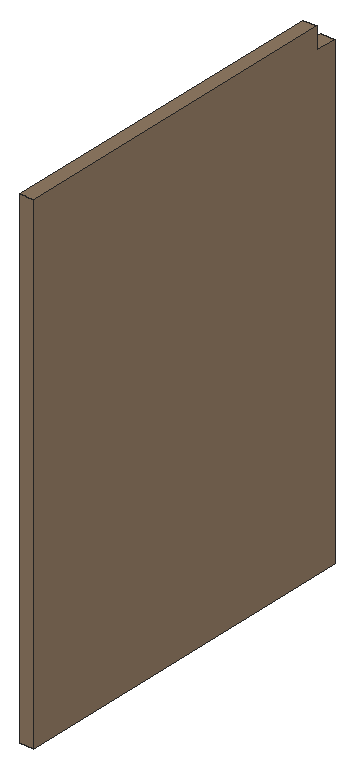
Revit family "Supports-Teknion-CEAIP-End_Under_Island_Base_Cabinet-R2023", category Furniture, Revit 2023
Family settings
  OmniClass Number = 23.40.20.00
  OmniClass Title = General Furniture and Specialties
  Work Plane-Based = No
  Enable Cutting in Views = No
  Always vertical = Yes
  Cut with Voids When Loaded = No
  Render Appearance Source = Family Geometry
  Shared = Yes
  Room Calculation Point = No
Parameters (values of type "End Panel – Under Island Base Cabinet")
  Warranty = "http://www.teknion.com/ca/papers/legal-canada"
  Unit Weight URL = "http://www.teknion.com/ca/tools/assets#&asset=bee6a381-b954-425e-8283-5a2de3a804f2,f828d448-4b62-4231-9e5f-9a8991c0ed77"
  URL = "www.teknion.com"
  To render please download texture images found here [instance] = "https://assets.teknion.com/web/5e81352c1dfdb467/revit-material-swatches/"
  Sustainability Data = "https://www.teknion.com/ca/tools/assets#&topic=216f99a5-57a0-44fc-b10a-9dee9b29ae4c&asset=444deb64-fe58-4b68-981e-f75e97781df7,b4ff2d81-9f2e-437d-9659-7cffb09c31cf"
  Storage Configuration [instance] = "Check / Uncheck for Storage Configuration"  # constant formula
  R- Recessed Front [instance] = not([F - Flush Front])  # yes
  Series = "Casework+"  # constant formula
  Product Page URL = "http://www.teknion.com/pricingguides/Casework/pdfs/CEAIP_ppg.pdf"
  Product Line = "Finishing Components"  # constant formula
  Product Documentation Link = "http://www.teknion.com/pricingguides/Casework/pdfs/CEAIP_ppg.pdf"
  Part Number = "CEAIP"  # constant formula
  Model = "CEAIP24___"  # constant formula
  Manufacturer Phone = "416-661-3370"  # constant formula
  Manufacturer Fax = "416.661.4586"  # constant formula
  Manufacturer Contact Information = "http://www.teknion.com/ca/contactus"
  Manufacturer Address = "1150 Flint Road, Toronto, ON. M3J 2J5. Canada"  # constant formula
  Manufacturer = "Teknion"  # constant formula
  How To Use Teknion Materials User Guide [instance] = "https://assets.teknion.com/m/205dd0a49fa58060/original/How-to-add-a-Material-Library-and-Texture-Images-to-your-Revit-project.pdf"
  Height [instance] = 35.000"
  For Additional Finishes please visit [instance] = "https://assets.teknion.com/m/44a8009b046e5d47/original/Teknion_Materials_Library.zip"
  F - Flush Front [instance] = no
  End Panel Finish [instance] = Veneer - Teknion - VA - Flintwood - Sycamore
  Description = "End Panel – Under Island Base Cabinet"  # constant formula
  Depth [instance] = if([F - Flush Front], 25.453", 26.453")  # 26.453"
  Default Elevation = 0.000"
  Available Height [instance] = "Available In 32 & 35 Inches"  # constant formula
  Assembly Code = "E2020200"
Reference planes (in)
  plane 1 "Center Front/Back": y = -1.89698
  plane 2: z = 0
  plane 3 "Center Left/Right": x = 0.01246
  plane 4 "Left": x = -0.48754
  plane 5 "Right": x = 0.51246
  plane 6 "Back": y = 11.32952
  plane 7 "Front": y = -15.12348
  plane 8 "Top": z = 35
Forms (in)
  Sweep 1, solid, material "Veneer - Teknion - VA - Flintwood - Sycamore" <- "End Panel Finish"
    path origin (0, 0, 0) x (1, 0, 0) y (0, 1, 0)
      loop
        line (0.51246, -1.89698) -> (-0.48754, -1.89698)
    profile origin (0.01246, -1.89698, 0) x (0, -1, 0) y (0, 0, 1)
      loop
        line (-11.69094, 35) -> (-11.69094, 33.46457) -> (-13.2265, 33.46457) -> (-13.2265, 0.37795) -> (13.2265, 0.37795) -> (13.2265, 35) -> (-11.69094, 35)
Lines and regions (in)
  Masking region 1
    outline origin (0, 0, 0) x (1, 0, 0) y (0, 1, 0)
      loop
        line (-0.48754, 11.32952) -> (-0.48754, -15.12348) -> (0.51246, -15.12348) -> (0.51246, 11.32952) -> (-0.48754, 11.32952)
  reference lines
    curve 1: line (0.51246, 11.32952, 0) -> (0.51246, -15.12348, 0)
    curve 2: line (-0.48754, 11.32952, 0) -> (0.51246, 11.32952, 0)
    curve 3: line (-0.48754, 11.32952, 0) -> (-0.48754, -15.12348, 0)
    curve 4: line (-0.48754, -15.12348, 0) -> (0.51246, -15.12348, 0)
  symbolic lines
    curve 5: line (0.51246, 9.79397, 0) -> (-0.48754, 9.79397, 0)
Dimensions and locks (in)
  plane 4 "Left" to plane 5 "Right" = 1.000"
  "Depth": plane 6 "Back" to plane 7 "Front"
  "Height": plane 8 "Top" to level
  equal spacing: plane 4 "Left", plane 3 "Center Left/Right", plane 5 "Right"
  equal spacing: plane 6 "Back", plane 1 "Center Front/Back", plane 7 "Front"
  locked: Sweep 1 sketch curve to plane 2 at 0.37795
  locked: plane 8 "Top" to Sweep 1 sketch curve at 1.53543
  locked: plane 6 "Back" to Sweep 1 sketch curve at 1.53556
  aligned and locked: level to plane 2
  aligned and locked: Masking region 1 sketch curve to plane 4 "Left"
  aligned and locked: Masking region 1 sketch curve to plane 6 "Back"
  aligned and locked: Masking region 1 sketch curve to plane 5 "Right"
  aligned and locked: Masking region 1 sketch curve to plane 7 "Front"
  aligned and locked: curve 1 to plane 5 "Right"
  aligned and locked: curve 2 to plane 6 "Back"
  aligned and locked: curve 3 to plane 4 "Left"
  aligned and locked: curve 4 to plane 7 "Front"
  aligned and locked: nested 4 to plane 7 "Front"
  aligned and locked: nested 3 to plane 7 "Front"
  aligned and locked: nested 2 to plane 6 "Back"
  aligned and locked: nested 1 to plane 6 "Back"
  aligned and locked: plane 5 "Right" to nested 1
  aligned and locked: nested 4 to plane 5 "Right"
  aligned and locked: plane 4 "Left" to nested 2
  aligned and locked: nested 3 to plane 4 "Left"
  aligned and locked: Sweep 1 sketch curve to plane 1 "Center Front/Back"
  aligned and locked: plane 5 "Right" to Sweep 1 sketch curve
  aligned and locked: plane 4 "Left" to Sweep 1 sketch curve
  aligned and locked: plane 8 "Top" to Sweep 1 sketch curve
  aligned and locked: plane 7 "Front" to Sweep 1 sketch curve
  aligned and locked: plane 6 "Back" to Sweep 1 sketch curve
  aligned and locked: curve 5 to Sweep 1
Automatic sketch dimensions
  curve 5 to plane 4 "Left" = 0.000"
  curve 5 to plane 5 "Right" = 0.000"
Nested families (in)
  nested 1: "Teknion_2D_Node_Family-R2021" at (0.51246, 11.32952, 0), type "Teknion_2D_Node_Family-R2021"
  nested 2: "Teknion_2D_Node_Family-R2021" at (-0.48754, 11.32952, 0), type "Teknion_2D_Node_Family-R2021"
  nested 3: "Teknion_2D_Node_Family-R2021" at (-0.48754, -15.12348, 0), type "Teknion_2D_Node_Family-R2021"
  nested 4: "Teknion_2D_Node_Family-R2021" at (0.51246, -15.12348, 0), type "Teknion_2D_Node_Family-R2021"
Definition of nested family "Teknion_2D_Node_Family-R2021"
  Reference planes (in)
    plane 1 "Center (Front/Back)": y = 0
    plane 2: z = 0
    plane 3 "Center (Left/Right)": x = 0
  Lines and regions (in)
    detail lines, in view "Ref. Level"
      curve 1: circle (0, 0, 0) r 1.25 normal (0, 0, 1)
      curve 2: line (1.91508, -1.91508, 0) -> (-1.91508, 1.91508, 0)
      curve 3: line (-1.91508, -1.91508, 0) -> (1.91508, 1.91508, 0)
